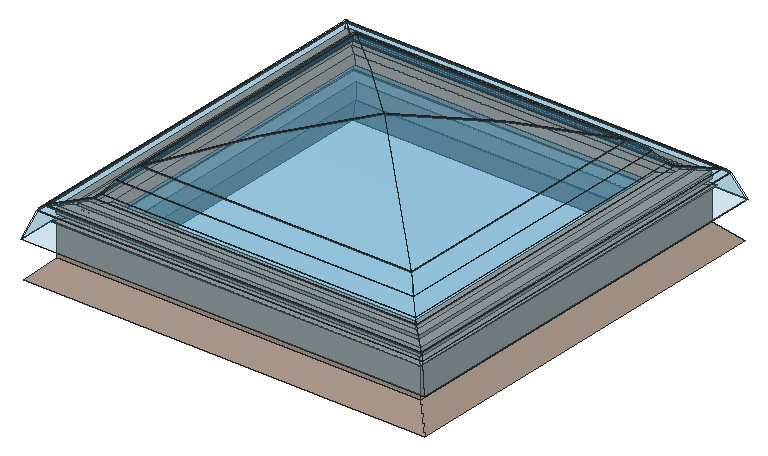
Revit family "CFP_v_1.01", category Окна, Revit 2017
Family settings
  Основа = Крыша
  Всегда вертикально = Нет
  При загрузке вырезать с полостями = Нет
  Общий = Нет
  Точка расчета площади = Нет
Parameters (values of type "Default")
  g-value = "0.53"
  ZCE Visible = no
  ZCE Height = if(ZCE Visible, 160.000 mm, 0.000 mm)  # 0.000 mm
  Youtube clip = ""
  Window Area = "2.08"
  Width Dome = Ширина - 180.000 mm  # 1000.000 mm
  Ширина = 1180.000 mm
  Weight Net (kg) = ""
  Warranty Years = "10"
  Warranty = ""
  Uniclass 2.0 Description = "Roof Window Units"
  Uniclass 2.0 Code = "PR-59-72"
  Uniclass 1.4 Description = "Rooflights/Roof windows"
  Uniclass 1.4 Code = "JL11"
  URL = "http://file-system.ru/catalog/zdaniya_i_sooruzheniya/eksterer/okna/cfp_velux_zenitnyy_fonar_glukhoy_bez_otkryvaniya/#close_popup_window"
  UNSPC code = 301516
  UNSPC Category = "Roofing accessories"
  ThermalTransmittance - Glazing = "0.9"
  ThermalTransmittance = "0.71"
  Thermal transmittance (frame) = ""
  Thermal bridge(glazing) = "0.05"
  Thermal bridge = ""
  Technical description = ""
  Stock Product = ""
  Sound Insulation db = "36"
  Single = ""
  Product identifier = ""
  Product group = "CFP 1.01"
  Product family = "Flat roof window"
  Product data url = "http://www.velux.dk/private/produkter/ny-generation"
  Product certification = ""
  Product SKU = "cfp101"
  Placement Height = 0.000 mm
  Perimeter Window = 4
  Perimeter Glazing = 0
  Operation Mode = "Fixed"
  Name of the object = "Flat roof window - CFP"
  NBS Reference Description = "Roof Window Units"
  NBS Reference = "59-72"
  Группа модели = "Flat roof window - CFP"
  Material secondary = Glass 73Q + ISD 0000
  Material main = Wood
  Manufacturer country = "Denmark"
  Manufacturer URL = "www.velux.com"
  Изготовитель = "VELUX A/S"  # constant formula
  Light transmittance = "0.72"
  Installation instructions = ""
  IFC Classification = "Window"
  Height Dome = Height - 180.000 mm  # 1000.000 mm
  Height = 1180.000 mm
  GlazingAreaFraction = "1.05"
  Function = "Fixed flat roof window"
  Frame  Area = ""
  Emergency Exit = 1 > 2  # no
  Edition number = "1"
  EAN code = ""
  Design country = "Denmark"
  Delivery Time = ""
  Date of publishing = "6/27/2013"
  Copyright = "VELUX A/S"  # constant formula
  COBIe Type Category = ""
  Код по классификатору = "B3020110"
  Allowed Roof Slope = "0°-15°"
  AcousticRating = ""
Reference planes
  plane 1 "Center (Front/Back)": y = 0
  plane 2 "Roof": z = 4000
  plane 3 "Center (Left/Right)": x = 0
  plane 4: x = -500
  plane 5: y = 500
  plane 6: x = 500
  plane 7: y = -500
  plane 8 "Roof Top": z = 4150
  plane 9: z = 4150
  plane 10 "Placement Height": z = 4150
  plane 11: y = 590
  plane 12: y = -590
  plane 13: x = -590
  plane 14: x = 590
Forms (mm)
  Sweep 1, solid, material "Wood" <- "Material main"
    path origin (-878.602, -4572, 4150) x (-1, 0, 0) y (0, -1, 0)
      loop
        line (-1378.602, -4072) -> (-1378.602, -5072) -> (-378.602, -5072) -> (-378.602, -4072) -> (-1378.602, -4072)
    profile origin (500, 0, 4150) x (-1, 0, 0) y (0, 0, 1)
      loop
        line (29.543, 0) -> (69.194, 82.99) -> (4.499, 82.99) -> (4.499, 157.08)
        arc (4.499, 157.08) -> (3.427, 159.378) -> (0.978, 160.035) r 3
        line (0.978, 160.035) -> (-44.675, 151.985) -> (-44.501, 150) -> (-36.501, 150) -> (-36.501, 54.661) -> (-90, 0) -> (29.543, 0)
  Sweep 2, solid
    path origin (2.429, -2.424, 4537.853) x (0, 1, 0) y (0, 0, -1)
      loop
        line (4.849, 0) -> (0, 0)
    profile origin (2.429, 0, 4537.853) x (0, 0, 1) y (-1, 0, 0)
      loop
        line (0, 4.828) -> (-3.029, 4.828) -> (-3.029, 0) -> (0, 0) -> (0, 4.828)
  Sweep 3, solid, material "Wood" <- "Material main", visible <- "ZCE Visible"
    path origin (-1812.686, -4572, 4150) x (-1, 0, 0) y (0, -1, 0)
      loop
        line (-1312.686, -4072) -> (-2312.686, -4072) -> (-2312.686, -5072) -> (-1312.686, -5072) -> (-1312.686, -4072)
    profile origin (-500, 0, 4150) x (-1, 0, 0) y (0, 0, 1)
      loop
        line (6, 0) -> (211, 0) -> (211, 3) -> (91, 10) -> (91, 160) -> (6, 160) -> (6, 0)
Lines and regions (mm)
  Opening 1
    outline origin (0, 0, 4150) x (0, 1, 0) y (-1, 0, 0)
      loop
        line (500, 500) -> (-500, 500) -> (-500, -500) -> (500, -500) -> (500, 500)
  reference lines
    curve 1: line (737.314, 0, 4309.375) -> (-500, 0, 4309.375)
    curve 2: line (537.314, 0, 4309.375) -> (537.314, 0, 4499.375)
    curve 3: line (537.314, 0, 4000) -> (537.314, 500, 4000)
    curve 4: line (737.314, 0, 4309.375) -> (-57.38, 0, 4309.375)
Dimensions and locks
  equal spacing: host sketch curve, plane 3 "Center (Left/Right)", host sketch curve
  equal spacing: host sketch curve, plane 1 "Center (Front/Back)", host sketch curve
  equal spacing: plane 4, plane 3 "Center (Left/Right)", plane 6
  "Ширина": plane 13 to plane 14
  equal spacing: plane 5, plane 1 "Center (Front/Back)", plane 7
  "Height": plane 11 to plane 12
  locked: plane 6 to curve 3 at 37.314
  locked: curve 2 to plane 6 at 37.314
  locked: host roof to plane 8 "Roof Top"
  locked: nested 1 to plane 9 at 159.375
  "Placement Height": plane 10 "Placement Height" to plane 8 "Roof Top"
  "ZCE Height": plane 9 to plane 10 "Placement Height"
  locked: plane 11 to plane 5 at 90
  locked: plane 12 to plane 7 at 90
  locked: plane 13 to plane 4 at 90
  locked: plane 6 to plane 14 at 90
  locked: curve 4 to curve 1 (angle 0.00000°)
  aligned and locked: level to plane 2 "Roof"
  aligned and locked: Opening 1 sketch curve to plane 5
  aligned and locked: Opening 1 sketch curve to plane 4
  aligned and locked: Opening 1 sketch curve to plane 7
  aligned and locked: Opening 1 sketch curve to plane 6
  aligned and locked: plane 6 to Sweep 1 sketch curve
  aligned and locked: Sweep 1 sketch curve to plane 5
  aligned and locked: Sweep 1 sketch curve to plane 4
  aligned and locked: plane 7 to Sweep 1 sketch curve
  aligned and locked: profile plane to Sweep 1 sketch curve
  aligned and locked: Sweep 2 sketch curve to nested 1  (x6)
  aligned and locked: nested 1 to Sweep 2 sketch curve
  aligned and locked: Sweep 3 sketch curve to host roof  (x4)
  aligned and locked: plane 10 "Placement Height" to Sweep 3 sketch curve
Automatic sketch dimensions
  curve 3 to plane 5 = 0.000 mm
  plane 1 "Center (Front/Back)" to curve 3 = 0.000 mm
  curve 1 to curve 2 = 190.000 mm
  plane 4 to curve 1 = 0.000 mm
  curve 1 to plane 8 "Roof Top" = 159.375 mm
  profile plane to Sweep 1 sketch curve = 44.675 mm
  Sweep 1 sketch curve to Sweep 1 sketch curve = 0.174 mm
  Sweep 1 sketch curve to Sweep 1 sketch curve = 8.000 mm
  Sweep 1 sketch curve to profile plane = 0.978 mm
  Sweep 1 sketch curve to profile plane = 1.499 mm
  Sweep 1 sketch curve to profile plane = 4.499 mm
  Sweep 1 sketch curve to profile plane = 29.543 mm
  Sweep 1 sketch curve to Sweep 1 sketch curve = 64.695 mm
  Sweep 1 sketch curve to Sweep 1 sketch curve = 67.010 mm
  Sweep 1 sketch curve to Sweep 1 sketch curve = 1.985 mm
  Sweep 1 sketch curve to Sweep 1 sketch curve = 7.080 mm
  Sweep 1 sketch curve to Sweep 1 sketch curve = 53.499 mm
  profile plane to Sweep 1 sketch curve = 54.661 mm
  profile plane to Sweep 1 sketch curve = 82.990 mm
  Sweep 3 sketch curve to profile plane = 6.000 mm
  profile plane to Sweep 3 sketch curve = 10.000 mm
  Sweep 3 sketch curve to Sweep 3 sketch curve = 85.000 mm
  profile plane to Sweep 3 sketch curve = 3.000 mm
  Sweep 3 sketch curve to Sweep 3 sketch curve = 120.000 mm
  profile plane to Sweep 3 sketch curve = 160.000 mm
Nested families
  nested 1: "CVP v.22_Openable" at (1.927, 0, 4149.678), type "CVP v.22_Openable"
Definition of nested family "CVP v.22_Openable"
  Parameters
    Width = 1000.000 mm
    Material Internal = none
    Height = 1000.000 mm
    Half Width = (Width / 2) - 15.000 mm  # 485.000 mm
    Half Height = (Height / 2) - 15.000 mm  # 485.000 mm
    Glazing = none
    Dome Profile Length = if((Half Width < Half Height), Half Width, Half Height)  # 485.000 mm
    Assembly Code = ""
    Angle = 0.00000°
  Reference planes
    plane 1 "Center (Front/Back)": y = 0
    plane 2: z = 0
    plane 3 "Center (Left/Right)": x = 0
    plane 4: x = -500
    plane 5: y = 500
    plane 6: x = 500
    plane 7: y = -500
    plane 8: y = 552.501
    plane 9: y = -552.501
  Forms (mm)
    Sweep 1, solid, material <- "Material Internal"
      path origin (535.387, 0, 159.697) x (-1, 0, 0) y (0, -1, 0)
        loop
          line (0, -537.31) -> (1074.599, -537.31) -> (1074.599, 537.31) -> (0, 537.31) -> (0, -537.31)
      profile origin (535.387, 0, 159.697) x (1, 0, 0) y (0, 0, 1)
        loop
          line (-2.256, 30.869) -> (-26.187, 35.088) -> (-28.27, 23.271) -> (-37.134, 24.833) -> (-35.05, 36.651) -> (-51.496, 39.551) -> (-53.575, 27.763) -> (-91.064, 34.374) -> (-99.886, 11.393) -> (-73.886, 11.393) -> (-73.886, -20.207) -> (-118.051, -20.207) -> (-112.586, -72.207) -> (-92.386, -72.207) -> (-92.386, -63.407) -> (-58.386, -63.407) -> (-58.386, -44.907) -> (-49.886, -44.907) -> (-49.886, 7.79) -> (-39.886, 16.18) -> (-0.683, 9.267) -> (0.88, 18.131) -> (-16.453, 21.187) -> (-15.585, 26.111) -> (-0.257, 23.408) -> (-2.256, 30.869)
    Sweep 2, solid, material <- "Glazing"
      path origin (535.387, 0, 159.697) x (-1, 0, 0) y (0, -1, 0)
        loop
          line (49.886, 487.424) -> (49.886, -487.424) -> (1024.713, -487.424) -> (1024.713, 487.424) -> (49.886, 487.424)
      profile origin (485.501, 0, 159.697) x (-1, 0, 0) y (0, 0, 1)
        loop
          line (47.155, 90.651) -> (23.08, 56.268)
          arc (23.08, 56.268) -> (17.443, 50.872) -> (10.17, 48.043) r 20
          line (10.17, 48.043) -> (-66.712, 34.487)
          arc (-66.712, 34.487) -> (-76.095, 30.112) -> (-82.033, 21.631) r 20
          line (-82.033, 21.631) -> (-109.021, -52.518) -> (-105.828, -52.518) -> (-79.214, 20.605)
          arc (-79.214, 20.605) -> (-74.166, 27.814) -> (-66.191, 31.533) r 17
          line (-66.191, 31.533) -> (10.691, 45.089)
          arc (10.691, 45.089) -> (19.055, 48.342) -> (25.537, 54.547) r 23
          line (25.537, 54.547) -> (49.612, 88.93)
          arc (49.612, 88.93) -> (67.174, 107.978) -> (89.151, 121.698) r 97
          arc (89.151, 121.698) -> (284.01, 185.269) -> (485, 225.449) r 1737.362
          line (485, 225.449) -> (485, 228.478)
          arc (485, 228.478) -> (283.416, 188.215) -> (87.985, 124.463) r 1740.362
          arc (87.985, 124.463) -> (65.289, 110.312) -> (47.155, 90.651) r 100
    Extrusion 3, solid, material <- "Glazing"
      sketch origin (535.387, 0, 159.697) x (-1, 0, 0) y (0, -1, 0)
        loop
          line (989.8, 452.5) -> (84.8, 452.5) -> (84.8, -452.5) -> (989.8, -452.5) -> (989.8, 452.5)
      from -16 to -12
    Extrusion 4, solid, material <- "Glazing"
      sketch origin (535.387, 0, 159.697) x (-1, 0, 0) y (0, -1, 0)
        loop
          line (989.8, 452.5) -> (84.8, 452.5) -> (84.8, -452.5) -> (989.8, -452.5) -> (989.8, 452.5)
      from 4 to 8
    Extrusion 5, solid, material <- "Glazing"
      sketch origin (535.387, 0, 159.697) x (-1, 0, 0) y (0, -1, 0)
        loop
          line (539.713, 2.424) -> (534.886, 2.424) -> (534.886, -2.424) -> (539.713, -2.424) -> (539.713, 2.424)
      from 225.449 to 228.478
  Lines and regions (mm)
    reference lines
      curve 1: line (535.387, 0, 159.697) -> (-344.613, 0, 159.697)
      curve 2: line (535.387, 0, 159.697) -> (535.387, 0, 364.697)
      curve 3: line (-452.501, 0, 159.697) -> (-452.501, 0, 239.697)
      curve 4: line (535.387, 0, 159.697) -> (-464.613, 0, 159.697)
      curve 5: line (498.087, 0, 159.697) -> (498.087, 52.92, 159.697)
      curve 6: line (-501.913, 0, 159.697) -> (-501.913, 52.92, 159.697)
      curve 7: line (535.387, -500, 159.697) -> (-199.613, -500, 159.697)
      curve 8: line (-199.613, -500, 159.697) -> (-501.913, -500, 159.697)
      curve 9: line (-501.913, 500, 159.697) -> (153.087, 500, 159.697)
      curve 10: line (535.387, -537.31, 159.697) -> (-294.613, -537.31, 159.697)
      curve 11: line (-501.913, 537.31, 159.697) -> (278.96, 537.31, 159.697)
      curve 12: line (-539.212, -0.91, 159.697) -> (-539.212, 52.01, 159.697)
      curve 13: line (-501.913, 452.5, 159.697) -> (153.087, 452.5, 159.697)
      curve 14: line (535.387, -452.5, 159.697) -> (-199.613, -452.5, 159.697)
      curve 15: line (-454.413, 0, 159.697) -> (-454.413, 52.92, 159.697)
      curve 16: line (450.587, 0, 159.697) -> (450.587, 52.92, 159.697)
  Dimensions and locks
    equal spacing: plane 4, plane 3 "Center (Left/Right)", plane 6
    "Width": plane 4 to plane 6
    equal spacing: plane 5, plane 1 "Center (Front/Back)", plane 7
    "Height": plane 5 to plane 7
    locked: curve 2 to plane 6 at 35.387
    locked: curve 1 to level at 159.697
    "Width": curve 4 to curve 4
    locked: curve 5 to curve 4 at 37.3
    "Width": curve 6 to curve 5
    equal spacing: curve 9, curve 4, curve 7
    "Height": curve 9 to curve 7
    locked: curve 9 to curve 11 at 37.31
    locked: curve 7 to curve 10 at 37.31
    curve 12 to curve 6 = 37.299 mm
    profile plane to Sweep 1 = 974.828 mm
    locked: curve 16 to curve 5 at 47.5
    locked: curve 6 to curve 15 at 47.5
    locked: curve 13 to curve 9 at 47.5
    locked: curve 14 to curve 7 at 47.5
    "Dome Profile Length": profile plane to Sweep 2 sketch curve
    "Angle": angle curve 4 to curve 1
    aligned and locked: level to plane 2
    aligned and locked: Sweep 1 sketch curve to curve 4
    aligned and locked: Sweep 1 sketch curve to curve 11
    aligned and locked: Sweep 1 sketch curve to curve 10
    aligned and locked: Sweep 1 sketch curve to curve 12
    aligned and locked: Sweep 2 sketch curve to Sweep 1  (x4)
    aligned and locked: Extrusion 3 sketch curve to curve 14
    aligned and locked: Extrusion 3 sketch curve to curve 15
    aligned and locked: Extrusion 3 sketch curve to curve 13
    aligned and locked: Extrusion 3 sketch curve to curve 16
    aligned and locked: Extrusion 4 sketch curve to curve 15
    aligned and locked: curve 14 to Extrusion 4 sketch curve
    aligned and locked: Extrusion 4 sketch curve to curve 16
    aligned and locked: curve 13 to Extrusion 4 sketch curve
    aligned and locked: Extrusion 5 sketch curve to Sweep 2  (x4)
    aligned and locked: Extrusion 5 to Sweep 2  (x2)
  Automatic sketch dimensions
    curve 4 to curve 3 = 12.112 mm
    curve 3 to curve 4 = 0.000 mm
    curve 3 to curve 3 = 80.000 mm
    Sweep 1 sketch curve to profile plane = 20.207 mm
    profile plane to Sweep 1 sketch curve = 118.051 mm
    Sweep 1 sketch curve to Sweep 1 sketch curve = 5.465 mm
    profile plane to Sweep 1 sketch curve = 11.393 mm
    Sweep 1 sketch curve to Sweep 1 sketch curve = 18.165 mm
    Sweep 1 sketch curve to Sweep 1 sketch curve = 20.200 mm
    profile plane to Sweep 1 sketch curve = 34.374 mm
    Sweep 1 sketch curve to Sweep 1 sketch curve = 8.821 mm
    Sweep 1 sketch curve to Sweep 1 sketch curve = 26.000 mm
    Sweep 1 sketch curve to Sweep 1 sketch curve = 34.000 mm
    Sweep 1 sketch curve to Sweep 1 sketch curve = 20.311 mm
    Sweep 1 sketch curve to Sweep 1 sketch curve = 2.079 mm
    profile plane to Sweep 1 sketch curve = 7.790 mm
    Sweep 1 sketch curve to Sweep 1 sketch curve = 3.689 mm
    profile plane to Sweep 1 sketch curve = 16.180 mm
    Sweep 1 sketch curve to Sweep 1 sketch curve = 9.999 mm
    Sweep 1 sketch curve to Sweep 1 sketch curve = 2.753 mm
    Sweep 1 sketch curve to Sweep 1 sketch curve = 2.084 mm  (x2)
    Sweep 1 sketch curve to Sweep 1 sketch curve = 8.864 mm
    Sweep 1 sketch curve to Sweep 1 sketch curve = 8.863 mm  (x2)
    Sweep 1 sketch curve to Sweep 1 sketch curve = 11.817 mm
    Sweep 1 sketch curve to Sweep 1 sketch curve = 0.868 mm
    profile plane to Sweep 1 sketch curve = 2.256 mm
    profile plane to Sweep 1 sketch curve = 0.683 mm
    profile plane to Sweep 1 sketch curve = 0.257 mm
    Sweep 1 sketch curve to profile plane = 0.880 mm
    Sweep 1 sketch curve to Sweep 1 sketch curve = 24.700 mm
    Sweep 1 sketch curve to Sweep 1 sketch curve = 18.500 mm
    Sweep 1 sketch curve to Sweep 1 sketch curve = 8.800 mm
    profile plane to Sweep 1 sketch curve = 9.267 mm
    Sweep 1 sketch curve to Sweep 1 sketch curve = 3.056 mm
    Sweep 1 sketch curve to Sweep 1 sketch curve = 5.278 mm
    Sweep 1 sketch curve to Sweep 1 sketch curve = 1.563 mm  (x2)
    Sweep 1 sketch curve to Sweep 1 sketch curve = 4.924 mm
    Sweep 1 sketch curve to Sweep 1 sketch curve = 2.930 mm
    Sweep 1 sketch curve to Sweep 1 sketch curve = 7.460 mm
    Sweep 1 sketch curve to Sweep 1 sketch curve = 11.818 mm
    Sweep 1 sketch curve to Sweep 1 sketch curve = 11.788 mm
    curve 14 to curve 4 = 0.000 mm
    curve 10 to curve 4 = 0.000 mm
    curve 7 to curve 4 = 0.000 mm
    curve 15 to curve 4 = 0.000 mm
    curve 6 to curve 4 = 0.000 mm
    curve 16 to curve 4 = 0.000 mm
    curve 5 to curve 4 = 0.000 mm
    curve 4 to curve 11 = 256.426 mm
    curve 11 to curve 9 = 125.874 mm
    curve 13 to curve 9 = 0.000 mm
    curve 8 to curve 4 = 265.000 mm
    curve 14 to curve 7 = 0.000 mm
    curve 7 to curve 10 = 95.000 mm
    curve 4 to curve 11 = 37.300 mm
    curve 4 to curve 9 = 37.300 mm
    curve 4 to curve 13 = 37.300 mm
    curve 4 to curve 8 = 37.300 mm
    curve 4 to curve 16 = 52.920 mm
    curve 5 to curve 4 = 52.920 mm
    curve 15 to curve 4 = 52.920 mm
    curve 6 to curve 4 = 52.920 mm
    curve 6 to curve 12 = 0.910 mm
    curve 12 to curve 4 = 0.910 mm
    Sweep 2 sketch curve to Sweep 2 sketch curve = 0.000 mm  (x8)
    profile plane to Sweep 2 sketch curve = 33.293 mm
    Sweep 2 sketch curve to Sweep 2 sketch curve = 1.166 mm
    Sweep 2 sketch curve to Sweep 2 sketch curve = 2.457 mm  (x2)
    Sweep 2 sketch curve to profile plane = 25.537 mm
    Sweep 2 sketch curve to profile plane = 10.691 mm
    Sweep 2 sketch curve to Sweep 2 sketch curve = 0.521 mm  (x2)
    Sweep 2 sketch curve to profile plane = 6.697 mm
    profile plane to Sweep 2 sketch curve = 14.791 mm
    profile plane to Sweep 2 sketch curve = 63.239 mm
    profile plane to Sweep 2 sketch curve = 31.533 mm
    Sweep 2 sketch curve to Sweep 2 sketch curve = 2.952 mm
    profile plane to Sweep 2 sketch curve = 20.605 mm
    Sweep 2 sketch curve to Sweep 2 sketch curve = 2.819 mm
    Sweep 2 sketch curve to profile plane = 52.518 mm
    Sweep 2 sketch curve to Sweep 2 sketch curve = 26.615 mm
    Sweep 2 sketch curve to Sweep 2 sketch curve = 3.193 mm
    Sweep 2 sketch curve to Sweep 2 sketch curve = 1.026 mm
    profile plane to Sweep 2 sketch curve = 45.089 mm
    Sweep 2 sketch curve to Sweep 2 sketch curve = 2.954 mm
    Sweep 2 sketch curve to Sweep 2 sketch curve = 6.504 mm
    Sweep 2 sketch curve to Sweep 2 sketch curve = 1.721 mm
    Sweep 2 sketch curve to Sweep 2 sketch curve = 39.919 mm
    Sweep 2 sketch curve to Sweep 2 sketch curve = 38.373 mm
    Sweep 2 sketch curve to Sweep 2 sketch curve = 24.075 mm
    Sweep 2 sketch curve to profile plane = 724.490 mm
    Sweep 2 sketch curve to profile plane = 1495.327 mm
    Sweep 2 sketch curve to Sweep 2 sketch curve = 34.383 mm
    curve 1 to curve 2 = 205.000 mm
